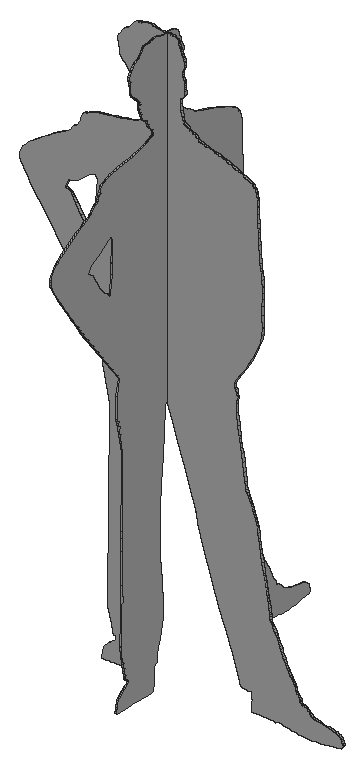
Revit family
Parameters
  built-in parameter 1005198 = (empty or 0)
  built-in parameter 1005195 = "d:\\byoh\\M25_HOL1_Santa.rpc"
Reference planes
  plane 1 "Center (Front/Back)": y = 0
  plane 2: z = 0
  plane 3 "Center (Left/Right)": x = 0
Forms (mm)
  Extrusion 1, solid, material "Sombra escala"
    sketch origin (0, 0, 0) x (1, 0, 0) y (0, 0, 1)
      loop
        line (-330.723, 1102.332) -> (-184.964, 913.086) -> (-194.806, 867.185) -> (-194.806, 804.47) -> (-191.566, 794.037) -> (-173.079, 706.275) -> (-173.079, 634.679) -> (-175.974, 489.409) -> (-175.759, 470.699) -> (-175.358, 435.786) -> (-175.974, 342.368) -> (-177.777, 243.543) -> (-179.579, 173.627) -> (-177.777, 148.939) -> (-172.346, 125.436) -> (-166.915, 103.735) -> (-163.903, 85.047) -> (-162.717, 79.023) -> (-160.298, 76.604) -> (-156.669, 76.604) -> (-153.065, 77.221) -> (-153.065, 69.987) -> (-154.274, 65.173) -> (-157.286, 61.544) -> (-162.717, 57.323) -> (-166.915, 54.311) -> (-170.543, 51.299) -> (-174.765, 48.287) -> (-178.986, 44.682) -> (-182.591, 41.053) -> (-185.603, 38.041) -> (-188.022, 35.646) -> (-189.825, 33.227) -> (-192.244, 28.413) -> (-194.046, 22.982) -> (-194.639, 17.551) -> (-194.046, 12.736) -> (-195.849, 9.724) -> (-197.058, 5.503) -> (-197.058, 0.688) -> (-194.046, 0) -> (-191.034, 0) -> (-187.406, 0) -> (-183.801, 0) -> (-178.986, 0) -> (-174.148, 0) -> (-168.741, 0) -> (-162.717, -0.012) -> (-156.669, 0) -> (-150.053, 0) -> (-142.226, 0) -> (-134.993, 0) -> (-127.143, 0) -> (-120.526, 0) -> (-113.885, 0) -> (-109.071, 0) -> (-104.849, 0) -> (-101.245, 0) -> (-98.233, 0) -> (-95.814, 0.072) -> (-94.011, 0) -> (-92.209, 0) -> (-90.383, 0) -> (-88.58, 0) -> (-86.778, 0) -> (-80.754, 0) -> (-77.125, 0) -> (-72.904, 0) -> (-69.299, 0) -> (-65.694, 0) -> (-62.658, 0) -> (-59.646, 1.207) -> (-56.634, 20.563) -> (-54.832, 22.389) -> (-54.239, 33.227) -> (-54.239, 47.077) -> (-54.832, 60.335) -> (-57.251, 69.987) -> (-52.437, 69.987) -> (-48.215, 71.79) -> (-45.796, 75.418) -> (-44.587, 82.035) -> (-42.784, 94.7) -> (-39.156, 113.364) -> (-34.341, 133.262) -> (-30.12, 151.334) -> (-25.898, 168.22) -> (-22.886, 187.501) -> (-21.7, 207.375) -> (-21.7, 226.68) -> (-27.108, 291.141) -> (-31.329, 359.847) -> (-33.132, 429.146) -> (-32.539, 495.433) -> (-29.527, 550.288) -> (-26.515, 593.073) -> (-23.503, 625.611) -> (-21.084, 647.905) -> (-18.688, 673.21) -> (-16.269, 708.167) -> (-13.85, 741.323) -> (-12.641, 764.209) -> (-8.443, 768.43) -> (-4.814, 772.059) -> (-2.395, 774.454) -> (0, 777.466) -> (7.233, 756.383) -> (18.688, 723.844) -> (32.539, 683.455) -> (47.598, 638.869) -> (62.658, 594.282) -> (75.916, 552.684) -> (86.754, 518.936) -> (92.185, 495.433) -> (96.999, 470.744) -> (104.849, 441.218) -> (115.071, 406.853) -> (125.933, 370.093) -> (138.574, 332.123) -> (151.238, 294.77) -> (163.903, 258.602) -> (175.951, 226.064) -> (180.765, 212.214) -> (187.406, 194.735) -> (194.023, 174.837) -> (201.873, 153.16) -> (208.489, 132.053) -> (215.13, 112.178) -> (220.537, 95.292) -> (224.166, 83.245) -> (224.759, 79.64) -> (225.968, 76.011) -> (227.178, 72.999) -> (229.573, 70.58) -> (233.202, 68.778) -> (239.226, 67.568) -> (248.262, 66.975) -> (260.309, 66.975) -> (260.309, 62.161) -> (260.309, 56.137) -> (261.519, 50.089) -> (263.938, 45.275) -> (260.926, 39.844) -> (259.717, 30.215) -> (260.309, 20.563) -> (260.926, 13.946) -> (266.95, 13.329) -> (275.986, 12.736) -> (285.638, 12.143) -> (296.477, 12.143) -> (307.315, 11.527) -> (318.177, 10.934) -> (327.213, 10.317) -> (334.446, 9.724) -> (341.68, 13.329) -> (346.494, 12.143) -> (352.518, 10.934) -> (357.949, 9.724) -> (364.566, 8.515) -> (370.59, 7.305) -> (377.23, 6.096) -> (384.464, 4.91) -> (391.081, 3.7) -> (398.314, 2.491) -> (405.548, 1.898) -> (412.781, 0.688) -> (419.422, 0.072) -> (426.631, -0.521) -> (433.272, -1.114) -> (439.889, -1.731) -> (445.936, -1.731) -> (458.577, -1.114) -> (471.835, -0.521) -> (485.092, 0.688) -> (498.349, 2.491) -> (510.397, 4.293) -> (521.259, 6.096) -> (529.702, 7.922) -> (535.109, 9.131) -> (539.331, 12.143) -> (541.133, 16.958) -> (539.948, 21.179) -> (537.529, 24.191) -> (536.912, 27.796) -> (535.726, 31.425) -> (534.517, 35.029) -> (532.098, 38.041) -> (528.493, 41.053) -> (524.271, 43.472) -> (518.84, 45.892) -> (512.223, 47.077) -> (503.78, 48.287) -> (494.128, 50.089) -> (483.882, 51.915) -> (473.637, 53.718) -> (464.008, 56.137) -> (454.972, 59.149) -> (447.739, 62.161) -> (442.308, 65.766) -> (438.086, 69.394) -> (434.481, 72.999) -> (431.47, 76.011) -> (428.458, 79.023) -> (425.446, 81.442) -> (423.027, 83.245) -> (420.607, 84.454) -> (418.212, 85.047) -> (412.781, 86.257) -> (410.362, 88.676) -> (409.176, 92.28) -> (409.176, 95.909) -> (409.176, 98.921) -> (407.35, 101.316) -> (404.955, 104.328) -> (401.326, 107.34) -> (399.524, 109.759) -> (397.721, 113.981) -> (395.919, 118.795) -> (394.093, 124.819) -> (391.697, 130.843) -> (388.685, 137.484) -> (386.266, 142.915) -> (382.662, 147.729) -> (378.44, 153.753) -> (374.219, 161.579) -> (369.38, 170.022) -> (365.183, 179.675) -> (360.345, 189.304) -> (356.74, 198.34) -> (353.111, 207.375) -> (350.716, 214.609) -> (347.704, 222.459) -> (344.075, 230.285) -> (340.47, 239.321) -> (336.842, 247.764) -> (332.62, 255.591) -> (329.608, 262.231) -> (326.596, 267.638) -> (324.794, 270.65) -> (321.782, 274.872) -> (319.363, 280.303) -> (317.56, 286.327) -> (316.968, 291.758) -> (316.968, 297.189) -> (315.758, 304.399) -> (314.548, 314.051) -> (312.153, 327.308) -> (310.327, 338.763) -> (306.722, 356.835) -> (302.501, 379.745) -> (297.686, 405.05) -> (292.848, 431.565) -> (288.65, 456.277) -> (285.022, 478.571) -> (282.603, 495.433) -> (280.8, 508.69) -> (278.405, 521.355) -> (275.393, 532.193) -> (272.974, 542.438) -> (269.962, 551.498) -> (266.95, 559.324) -> (264.531, 566.558) -> (262.728, 572.582) -> (260.309, 578.013) -> (257.297, 584.63) -> (254.286, 591.27) -> (250.681, 599.097) -> (247.052, 606.923) -> (244.04, 615.959) -> (241.645, 625.611) -> (240.435, 636.45) -> (238.016, 660.569) -> (235.004, 685.874) -> (231.992, 708.784) -> (227.771, 725.646) -> (223.549, 747.94) -> (219.328, 782.304) -> (215.723, 816.646) -> (215.723, 841.951) -> (216.932, 857.011) -> (215.723, 868.466) -> (213.304, 876.909) -> (209.699, 881.723) -> (209.699, 894.364) -> (225.968, 919.669) -> (241.645, 943.765) -> (256.088, 967.267) -> (269.345, 990.177) -> (279.591, 1012.471) -> (288.034, 1033.578) -> (292.848, 1054.045) -> (294.058, 1073.943) -> (292.848, 1107.691) -> (292.848, 1132.404) -> (293.465, 1151.685) -> (294.058, 1167.954) -> (294.058, 1185.433) -> (292.848, 1204.714) -> (290.453, 1222.193) -> (288.65, 1234.834) -> (286.824, 1249.918) -> (285.022, 1272.804) -> (283.812, 1296.306) -> (282.603, 1314.995) -> (281.417, 1332.474) -> (280.207, 1355.36) -> (279.591, 1378.863) -> (278.998, 1399.354) -> (278.405, 1417.449) -> (275.986, 1434.311) -> (272.357, 1446.359) -> (266.333, 1449.988) -> (265.148, 1454.209) -> (262.728, 1457.221) -> (257.914, 1460.233) -> (250.681, 1464.455) -> (241.028, 1469.269) -> (230.783, 1474.083) -> (220.537, 1478.305) -> (210.292, 1482.526) -> (199.454, 1486.748) -> (189.208, 1490.969) -> (178.37, 1494.574) -> (168.124, 1497.586) -> (157.879, 1501.215) -> (147.634, 1504.227) -> (137.981, 1507.239) -> (128.945, 1509.634) -> (121.119, 1512.053) -> (113.269, 1514.472) -> (106.035, 1516.275) -> (100.011, 1518.077) -> (98.209, 1520.496) -> (95.197, 1523.508) -> (90.975, 1527.113) -> (86.161, 1530.742) -> (81.94, 1533.753) -> (77.718, 1535.556) -> (74.113, 1536.765) -> (71.694, 1536.149) -> (70.485, 1537.975) -> (68.682, 1540.37) -> (66.263, 1542.789) -> (63.251, 1545.208) -> (60.239, 1547.604) -> (57.227, 1549.43) -> (54.215, 1550.616) -> (52.413, 1550.616) -> (48.784, 1565.699) -> (45.179, 1583.154) -> (42.784, 1600.633) -> (43.401, 1616.903) -> (48.191, 1616.31) -> (53.622, 1620.531) -> (57.227, 1628.974) -> (57.227, 1639.22) -> (56.634, 1643.417) -> (56.018, 1648.848) -> (55.425, 1654.279) -> (55.425, 1659.71) -> (55.425, 1665.118) -> (54.808, 1669.956) -> (53.622, 1674.77) -> (50.61, 1677.782) -> (49.994, 1682.597) -> (49.401, 1687.411) -> (49.994, 1692.249) -> (52.413, 1696.471) -> (55.425, 1702.495) -> (56.634, 1710.914) -> (56.634, 1719.357) -> (54.808, 1725.997) -> (51.796, 1730.219) -> (49.994, 1733.231) -> (48.191, 1736.836) -> (46.982, 1740.44) -> (45.772, 1744.069) -> (45.179, 1747.081) -> (43.994, 1748.883) -> (42.784, 1750.686) -> (40.982, 1753.105) -> (39.772, 1756.117) -> (39.179, 1760.338) -> (38.563, 1764.56) -> (37.377, 1768.781) -> (33.748, 1772.386) -> (28.934, 1775.398) -> (24.712, 1777.817) -> (21.107, 1779.027) -> (17.479, 1779.62) -> (13.874, 1780.236) -> (10.245, 1780.829) -> (6.641, 1780.829) -> (3.012, 1780.829) -> (0, 1780.829) -> (-2.395, 1780.236) -> (-5.431, 1779.62) -> (-9.629, 1779.62) -> (-15.06, 1779.62) -> (-21.084, 1780.236) -> (-26.515, 1781.422) -> (-31.946, 1782.039) -> (-36.76, 1783.841) -> (-40.365, 1785.051) -> (-43.377, 1786.26) -> (-47.598, 1786.853) -> (-52.437, 1786.853) -> (-57.251, 1786.26) -> (-62.065, 1785.051) -> (-66.287, 1783.841) -> (-69.299, 1782.632) -> (-71.718, 1781.422) -> (-74.113, 1782.039) -> (-77.125, 1782.039) -> (-80.137, 1782.632) -> (-83.766, 1782.039) -> (-87.987, 1781.422) -> (-90.999, 1780.236) -> (-94.011, 1778.41) -> (-96.407, 1775.398) -> (-98.826, 1771.793) -> (-101.245, 1768.165) -> (-104.257, 1764.56) -> (-107.861, 1760.931) -> (-110.873, 1757.919) -> (-114.502, 1754.907) -> (-117.514, 1753.105) -> (-119.909, 1751.895) -> (-124.747, 1750.093) -> (-128.969, 1747.081) -> (-132.574, 1742.267) -> (-136.179, 1736.836) -> (-140.4, 1731.405) -> (-144.622, 1725.997) -> (-147.634, 1720.566) -> (-147.634, 1713.333) -> (-145.831, 1705.506) -> (-144.029, 1697.063) -> (-143.412, 1689.237) -> (-143.412, 1682.597) -> (-142.819, 1676.573) -> (-140.4, 1669.339) -> (-136.179, 1662.722) -> (-131.364, 1657.884) -> (-128.352, 1655.489) -> (-124.747, 1652.477) -> (-121.119, 1648.255) -> (-117.514, 1644.034) -> (-113.885, 1639.812) -> (-110.873, 1635.591) -> (-108.478, 1631.37) -> (-107.269, 1628.358) -> (-110.281, 1628.358) -> (-112.083, 1626.555) -> (-112.7, 1622.95) -> (-111.49, 1617.519) -> (-109.664, 1613.298) -> (-108.478, 1609.693) -> (-106.652, 1606.657) -> (-105.466, 1604.262) -> (-104.257, 1601.843) -> (-103.047, 1598.831) -> (-101.838, 1595.819) -> (-100.628, 1591.597) -> (-99.418, 1587.993) -> (-97.023, 1584.364) -> (-94.604, 1580.759) -> (-92.209, 1578.34) -> (-89.79, 1577.13) -> (-86.778, 1576.538) -> (-84.359, 1576.538) -> (-81.963, 1577.13) -> (-80.137, 1571.107) -> (-78.951, 1565.699) -> (-77.125, 1560.268) -> (-74.73, 1556.047) -> (-72.904, 1551.825) -> (-69.892, 1548.813) -> (-66.88, 1545.801) -> (-62.658, 1543.999) -> (-61.472, 1539.184) -> (-59.053, 1534.346) -> (-56.634, 1528.939) -> (-54.832, 1524.101) -> (-57.844, 1523.508) -> (-61.472, 1522.299) -> (-65.694, 1520.496) -> (-69.299, 1518.694) -> (-73.52, 1516.868) -> (-77.125, 1514.472) -> (-80.137, 1512.646) -> (-82.556, 1510.844) -> (-91.592, 1508.448) -> (-101.838, 1505.436) -> (-112.083, 1503.017) -> (-122.328, 1501.215) -> (-133.167, 1498.796) -> (-143.412, 1496.993) -> (-153.065, 1495.784) -> (-162.717, 1494.574) -> (-172.346, 1493.365) -> (-183.184, 1492.179) -> (-194.639, 1490.353) -> (-206.687, 1487.957) -> (-217.549, 1485.538) -> (-227.178, 1482.526) -> (-235.621, 1478.922) -> (-241.645, 1474.7) -> (-245.866, 1474.7) -> (-250.088, 1472.874) -> (-254.309, 1469.269) -> (-257.321, 1463.838) -> (-260.333, 1456.012) -> (-262.752, 1449.371) -> (-265.148, 1443.964) -> (-266.357, 1439.126) -> (-268.16, 1434.928) -> (-271.788, 1431.916) -> (-275.393, 1428.904) -> (-279.614, 1427.694) -> (-283.243, 1425.868) -> (-286.255, 1422.263) -> (-289.267, 1418.042) -> (-292.279, 1413.228) -> (-294.081, 1410.808) -> (-296.5, 1408.413) -> (-299.512, 1405.994) -> (-303.71, 1404.192) -> (-307.932, 1401.773) -> (-313.363, 1399.354) -> (-319.387, 1396.342) -> (-325.411, 1393.33) -> (-329.039, 1391.527) -> (-334.446, 1388.515) -> (-339.877, 1384.91) -> (-346.518, 1381.282) -> (-353.751, 1377.06) -> (-361.578, 1372.246) -> (-369.404, 1367.431) -> (-377.23, 1362) -> (-385.081, 1357.186) -> (-392.907, 1351.755) -> (-400.733, 1346.941) -> (-407.374, 1342.103) -> (-414.014, 1337.905) -> (-419.422, 1333.683) -> (-423.643, 1330.671) -> (-427.272, 1327.659) -> (-432.679, 1322.228) -> (-437.493, 1316.204) -> (-441.122, 1310.18) -> (-444.727, 1303.54) -> (-447.146, 1296.923) -> (-447.739, 1290.283) -> (-447.146, 1283.666) -> (-445.344, 1277.025) -> (-441.122, 1268.582) -> (-436.308, 1258.953) -> (-429.667, 1247.498) -> (-421.841, 1235.451) -> (-413.398, 1222.786) -> (-404.362, 1208.936) -> (-394.709, 1195.062) -> (-385.081, 1181.212) -> (-375.428, 1166.745) -> (-365.183, 1152.894) -> (-356.147, 1139.637) -> (-347.111, 1126.38) -> (-338.668, 1114.308) -> (-331.434, 1103.47) -> (-330.723, 1102.332)
      loop
        line (-213.297, 1211.416) -> (-214.456, 1240.417) -> (-212.136, 1275.22) -> (-210.974, 1304.222) -> (-219.1, 1316.983) -> (-231.872, 1312.343) -> (-269.025, 1284.501) -> (-298.05, 1272.899) -> (-307.338, 1250.858) -> (-289.922, 1240.417) -> (-275.991, 1218.376) -> (-260.897, 1191.694) -> (-242.322, 1170.813) -> (-227.228, 1162.692) -> (-224.906, 1148.771) -> (-219.618, 1158.598) -> (-213.297, 1211.416)
    from -2.5 to 2.5
  Extrusion 2, solid, material "Sombra escala"
    sketch origin (0, 0, 0) x (0, 1, 0) y (0, 0, 1)
      loop
        line (289.324, 1249.918) -> (287.522, 1272.804) -> (286.312, 1296.306) -> (285.103, 1314.995) -> (283.917, 1332.474) -> (282.707, 1355.36) -> (282.091, 1378.863) -> (281.498, 1399.354) -> (280.905, 1417.449) -> (278.486, 1434.311) -> (274.857, 1446.359) -> (268.833, 1449.988) -> (267.648, 1454.209) -> (265.228, 1457.221) -> (260.414, 1460.233) -> (253.181, 1464.455) -> (243.528, 1469.269) -> (233.283, 1474.083) -> (223.037, 1478.305) -> (212.792, 1482.526) -> (201.954, 1486.748) -> (191.708, 1490.969) -> (180.87, 1494.574) -> (170.624, 1497.586) -> (160.379, 1501.215) -> (150.134, 1504.227) -> (140.481, 1507.239) -> (131.445, 1509.634) -> (123.619, 1512.053) -> (115.769, 1514.472) -> (108.535, 1516.275) -> (102.511, 1518.077) -> (100.709, 1520.496) -> (97.697, 1523.508) -> (93.475, 1527.113) -> (88.661, 1530.742) -> (84.44, 1533.753) -> (80.218, 1535.556) -> (76.613, 1536.765) -> (74.194, 1536.149) -> (72.985, 1537.975) -> (71.182, 1540.37) -> (68.763, 1542.789) -> (65.751, 1545.208) -> (62.739, 1547.604) -> (59.727, 1549.43) -> (56.715, 1550.616) -> (54.913, 1550.616) -> (51.284, 1565.699) -> (47.679, 1583.154) -> (45.284, 1600.633) -> (45.901, 1616.903) -> (50.691, 1616.31) -> (56.122, 1620.531) -> (59.727, 1628.974) -> (59.727, 1639.22) -> (59.134, 1643.417) -> (58.518, 1648.848) -> (57.925, 1654.279) -> (57.925, 1659.71) -> (57.925, 1665.118) -> (57.308, 1669.956) -> (56.122, 1674.77) -> (53.11, 1677.782) -> (52.494, 1682.597) -> (51.901, 1687.411) -> (52.494, 1692.249) -> (54.913, 1696.471) -> (57.925, 1702.495) -> (59.134, 1710.914) -> (59.134, 1719.357) -> (57.308, 1725.997) -> (54.296, 1730.219) -> (52.494, 1733.231) -> (50.691, 1736.836) -> (49.482, 1740.44) -> (48.272, 1744.069) -> (47.679, 1747.081) -> (46.494, 1748.883) -> (45.284, 1750.686) -> (43.482, 1753.105) -> (42.272, 1756.117) -> (41.679, 1760.338) -> (41.063, 1764.56) -> (39.877, 1768.781) -> (36.248, 1772.386) -> (31.434, 1775.398) -> (27.212, 1777.817) -> (23.607, 1779.027) -> (19.979, 1779.62) -> (16.374, 1780.236) -> (12.745, 1780.829) -> (9.141, 1780.829) -> (5.512, 1780.829) -> (2.5, 1780.829) -> (0.105, 1780.236) -> (-2.931, 1779.62) -> (-7.129, 1779.62) -> (-12.56, 1779.62) -> (-18.584, 1780.236) -> (-24.015, 1781.422) -> (-29.446, 1782.039) -> (-34.26, 1783.841) -> (-37.865, 1785.051) -> (-40.877, 1786.26) -> (-45.098, 1786.853) -> (-49.937, 1786.853) -> (-54.751, 1786.26) -> (-59.565, 1785.051) -> (-63.787, 1783.841) -> (-66.799, 1782.632) -> (-69.218, 1781.422) -> (-71.613, 1782.039) -> (-74.625, 1782.039) -> (-77.637, 1782.632) -> (-81.266, 1782.039) -> (-85.487, 1781.422) -> (-88.499, 1780.236) -> (-91.511, 1778.41) -> (-93.907, 1775.398) -> (-96.326, 1771.793) -> (-98.745, 1768.165) -> (-101.757, 1764.56) -> (-105.361, 1760.931) -> (-108.373, 1757.919) -> (-112.002, 1754.907) -> (-115.014, 1753.105) -> (-117.409, 1751.895) -> (-122.247, 1750.093) -> (-126.469, 1747.081) -> (-130.074, 1742.267) -> (-133.679, 1736.836) -> (-137.9, 1731.405) -> (-142.122, 1725.997) -> (-145.134, 1720.566) -> (-145.134, 1713.333) -> (-143.331, 1705.506) -> (-141.529, 1697.063) -> (-140.912, 1689.237) -> (-140.912, 1682.597) -> (-140.319, 1676.573) -> (-137.9, 1669.339) -> (-133.679, 1662.722) -> (-128.864, 1657.884) -> (-125.852, 1655.489) -> (-122.247, 1652.477) -> (-118.619, 1648.255) -> (-115.014, 1644.034) -> (-111.385, 1639.812) -> (-108.373, 1635.591) -> (-105.978, 1631.37) -> (-104.769, 1628.358) -> (-107.781, 1628.358) -> (-109.583, 1626.555) -> (-110.2, 1622.95) -> (-108.99, 1617.519) -> (-107.164, 1613.298) -> (-105.978, 1609.693) -> (-104.152, 1606.657) -> (-102.966, 1604.262) -> (-101.757, 1601.843) -> (-100.547, 1598.831) -> (-99.338, 1595.819) -> (-98.128, 1591.597) -> (-96.918, 1587.993) -> (-94.523, 1584.364) -> (-92.104, 1580.759) -> (-89.709, 1578.34) -> (-87.29, 1577.13) -> (-84.278, 1576.538) -> (-81.859, 1576.538) -> (-79.463, 1577.13) -> (-77.637, 1571.107) -> (-76.451, 1565.699) -> (-74.625, 1560.268) -> (-72.23, 1556.047) -> (-70.404, 1551.825) -> (-67.392, 1548.813) -> (-64.38, 1545.801) -> (-60.158, 1543.999) -> (-58.972, 1539.184) -> (-56.553, 1534.346) -> (-54.134, 1528.939) -> (-52.332, 1524.101) -> (-55.344, 1523.508) -> (-58.972, 1522.299) -> (-63.194, 1520.496) -> (-66.799, 1518.694) -> (-71.02, 1516.868) -> (-74.625, 1514.472) -> (-77.637, 1512.646) -> (-80.056, 1510.844) -> (-89.092, 1508.448) -> (-99.338, 1505.436) -> (-109.583, 1503.017) -> (-119.828, 1501.215) -> (-130.667, 1498.796) -> (-140.912, 1496.993) -> (-150.565, 1495.784) -> (-160.217, 1494.574) -> (-169.846, 1493.365) -> (-180.684, 1492.179) -> (-192.139, 1490.353) -> (-204.187, 1487.957) -> (-215.049, 1485.538) -> (-224.678, 1482.526) -> (-233.121, 1478.922) -> (-239.145, 1474.7) -> (-243.366, 1474.7) -> (-247.588, 1472.874) -> (-251.809, 1469.269) -> (-254.821, 1463.838) -> (-257.833, 1456.012) -> (-260.252, 1449.371) -> (-262.648, 1443.964) -> (-263.857, 1439.126) -> (-265.66, 1434.928) -> (-269.288, 1431.916) -> (-272.893, 1428.904) -> (-277.114, 1427.694) -> (-280.743, 1425.868) -> (-283.755, 1422.263) -> (-286.767, 1418.042) -> (-289.779, 1413.228) -> (-291.581, 1410.808) -> (-294, 1408.413) -> (-297.012, 1405.994) -> (-301.21, 1404.192) -> (-305.432, 1401.773) -> (-310.863, 1399.354) -> (-316.887, 1396.342) -> (-322.911, 1393.33) -> (-326.539, 1391.527) -> (-331.946, 1388.515) -> (-337.377, 1384.91) -> (-344.018, 1381.282) -> (-351.251, 1377.06) -> (-359.078, 1372.246) -> (-366.904, 1367.431) -> (-374.73, 1362) -> (-382.581, 1357.186) -> (-390.407, 1351.755) -> (-398.233, 1346.941) -> (-404.874, 1342.103) -> (-411.514, 1337.905) -> (-416.922, 1333.683) -> (-421.143, 1330.671) -> (-424.772, 1327.659) -> (-430.179, 1322.228) -> (-434.993, 1316.204) -> (-438.622, 1310.18) -> (-442.227, 1303.54) -> (-444.646, 1296.923) -> (-445.239, 1290.283) -> (-444.646, 1283.666) -> (-442.844, 1277.025) -> (-438.622, 1268.582) -> (-433.808, 1258.953) -> (-427.167, 1247.498) -> (-419.341, 1235.451) -> (-410.898, 1222.786) -> (-401.862, 1208.936) -> (-392.209, 1195.062) -> (-382.581, 1181.212) -> (-372.928, 1166.745) -> (-362.683, 1152.894) -> (-353.647, 1139.637) -> (-344.611, 1126.38) -> (-336.168, 1114.308) -> (-328.934, 1103.47) -> (-328.223, 1102.332) -> (-182.464, 913.086) -> (-192.306, 867.185) -> (-192.306, 804.47) -> (-189.066, 794.037) -> (-170.579, 706.275) -> (-170.579, 634.679) -> (-173.474, 489.409) -> (-173.259, 470.699) -> (-172.858, 435.786) -> (-173.474, 342.368) -> (-175.277, 243.543) -> (-177.079, 173.627) -> (-175.277, 148.939) -> (-169.846, 125.436) -> (-164.415, 103.735) -> (-161.403, 85.047) -> (-160.217, 79.023) -> (-157.798, 76.604) -> (-154.169, 76.604) -> (-150.565, 77.221) -> (-150.565, 69.987) -> (-151.774, 65.173) -> (-154.786, 61.544) -> (-160.217, 57.323) -> (-164.415, 54.311) -> (-168.043, 51.299) -> (-172.265, 48.287) -> (-176.486, 44.682) -> (-180.091, 41.053) -> (-183.103, 38.041) -> (-185.522, 35.646) -> (-187.325, 33.227) -> (-189.744, 28.413) -> (-191.546, 22.982) -> (-192.139, 17.551) -> (-191.546, 12.736) -> (-193.349, 9.724) -> (-194.558, 5.503) -> (-194.558, 0.688) -> (-191.546, 0) -> (-188.534, 0) -> (-184.906, 0) -> (-181.301, 0) -> (-176.486, 0) -> (-171.648, 0) -> (-166.241, 0) -> (-160.217, -0.012) -> (-154.169, 0) -> (-147.553, 0) -> (-139.726, 0) -> (-132.493, 0) -> (-124.643, 0) -> (-118.026, 0) -> (-111.385, 0) -> (-106.571, 0) -> (-102.349, 0) -> (-98.745, 0) -> (-95.733, 0) -> (-93.314, 0.072) -> (-91.511, 0) -> (-89.709, 0) -> (-87.883, 0) -> (-86.08, 0) -> (-84.278, 0) -> (-78.254, 0) -> (-74.625, 0) -> (-70.404, 0) -> (-66.799, 0) -> (-63.194, 0) -> (-60.158, 0) -> (-57.146, 1.207) -> (-54.134, 20.563) -> (-52.332, 22.389) -> (-51.739, 33.227) -> (-51.739, 47.077) -> (-52.332, 60.335) -> (-54.751, 69.987) -> (-49.937, 69.987) -> (-45.715, 71.79) -> (-43.296, 75.418) -> (-42.087, 82.035) -> (-40.284, 94.7) -> (-36.656, 113.364) -> (-31.841, 133.262) -> (-27.62, 151.334) -> (-23.398, 168.22) -> (-20.386, 187.501) -> (-19.2, 207.375) -> (-19.2, 226.68) -> (-24.608, 291.141) -> (-28.829, 359.847) -> (-30.632, 429.146) -> (-30.039, 495.433) -> (-27.027, 550.288) -> (-24.015, 593.073) -> (-21.003, 625.611) -> (-18.584, 647.905) -> (-16.188, 673.21) -> (-13.769, 708.167) -> (-11.35, 741.323) -> (-10.141, 764.209) -> (-5.943, 768.43) -> (-2.314, 772.059) -> (0.105, 774.454) -> (2.5, 777.466) -> (9.733, 756.383) -> (21.188, 723.844) -> (35.039, 683.455) -> (50.098, 638.869) -> (65.158, 594.282) -> (78.416, 552.684) -> (89.254, 518.936) -> (94.685, 495.433) -> (99.499, 470.744) -> (107.349, 441.218) -> (117.571, 406.853) -> (128.433, 370.093) -> (141.074, 332.123) -> (153.738, 294.77) -> (166.403, 258.602) -> (178.451, 226.064) -> (183.265, 212.214) -> (189.906, 194.735) -> (196.523, 174.837) -> (204.373, 153.16) -> (210.989, 132.053) -> (217.63, 112.178) -> (223.037, 95.292) -> (226.666, 83.245) -> (227.259, 79.64) -> (228.468, 76.011) -> (229.678, 72.999) -> (232.073, 70.58) -> (235.702, 68.778) -> (241.726, 67.568) -> (250.762, 66.975) -> (262.809, 66.975) -> (262.809, 62.161) -> (262.809, 56.137) -> (264.019, 50.089) -> (266.438, 45.275) -> (263.426, 39.844) -> (262.217, 30.215) -> (262.809, 20.563) -> (263.426, 13.946) -> (269.45, 13.329) -> (278.486, 12.736) -> (288.138, 12.143) -> (298.977, 12.143) -> (309.815, 11.527) -> (320.677, 10.934) -> (329.713, 10.317) -> (336.946, 9.724) -> (344.18, 13.329) -> (348.994, 12.143) -> (355.018, 10.934) -> (360.449, 9.724) -> (367.066, 8.515) -> (373.09, 7.305) -> (379.73, 6.096) -> (386.964, 4.91) -> (393.581, 3.7) -> (400.814, 2.491) -> (408.048, 1.898) -> (415.281, 0.688) -> (421.922, 0.072) -> (429.131, -0.521) -> (435.772, -1.114) -> (442.389, -1.731) -> (448.436, -1.731) -> (461.077, -1.114) -> (474.335, -0.521) -> (487.592, 0.688) -> (500.849, 2.491) -> (512.897, 4.293) -> (523.759, 6.096) -> (532.202, 7.922) -> (537.609, 9.131) -> (541.831, 12.143) -> (543.633, 16.958) -> (542.448, 21.179) -> (540.029, 24.191) -> (539.412, 27.796) -> (538.226, 31.425) -> (537.017, 35.029) -> (534.598, 38.041) -> (530.993, 41.053) -> (526.771, 43.472) -> (521.34, 45.892) -> (514.723, 47.077) -> (506.28, 48.287) -> (496.628, 50.089) -> (486.382, 51.915) -> (476.137, 53.718) -> (466.508, 56.137) -> (457.472, 59.149) -> (450.239, 62.161) -> (444.808, 65.766) -> (440.586, 69.394) -> (436.981, 72.999) -> (433.97, 76.011) -> (430.958, 79.023) -> (427.946, 81.442) -> (425.527, 83.245) -> (423.107, 84.454) -> (420.712, 85.047) -> (415.281, 86.257) -> (412.862, 88.676) -> (411.676, 92.28) -> (411.676, 95.909) -> (411.676, 98.921) -> (409.85, 101.316) -> (407.455, 104.328) -> (403.826, 107.34) -> (402.024, 109.759) -> (400.221, 113.981) -> (398.419, 118.795) -> (396.593, 124.819) -> (394.197, 130.843) -> (391.185, 137.484) -> (388.766, 142.915) -> (385.162, 147.729) -> (380.94, 153.753) -> (376.719, 161.579) -> (371.88, 170.022) -> (367.683, 179.675) -> (362.845, 189.304) -> (359.24, 198.34) -> (355.611, 207.375) -> (353.216, 214.609) -> (350.204, 222.459) -> (346.575, 230.285) -> (342.97, 239.321) -> (339.342, 247.764) -> (335.12, 255.591) -> (332.108, 262.231) -> (329.096, 267.638) -> (327.294, 270.65) -> (324.282, 274.872) -> (321.863, 280.303) -> (320.06, 286.327) -> (319.468, 291.758) -> (319.468, 297.189) -> (318.258, 304.399) -> (317.048, 314.051) -> (314.653, 327.308) -> (312.827, 338.763) -> (309.222, 356.835) -> (305.001, 379.745) -> (300.186, 405.05) -> (295.348, 431.565) -> (291.15, 456.277) -> (287.522, 478.571) -> (285.103, 495.433) -> (283.3, 508.69) -> (280.905, 521.355) -> (277.893, 532.193) -> (275.474, 542.438) -> (272.462, 551.498) -> (269.45, 559.324) -> (267.031, 566.558) -> (265.228, 572.582) -> (262.809, 578.013) -> (259.797, 584.63) -> (256.786, 591.27) -> (253.181, 599.097) -> (249.552, 606.923) -> (246.54, 615.959) -> (244.145, 625.611) -> (242.935, 636.45) -> (240.516, 660.569) -> (237.504, 685.874) -> (234.492, 708.784) -> (230.271, 725.646) -> (226.049, 747.94) -> (221.828, 782.304) -> (218.223, 816.646) -> (218.223, 841.951) -> (219.432, 857.011) -> (218.223, 868.466) -> (215.804, 876.909) -> (212.199, 881.723) -> (212.199, 894.364) -> (228.468, 919.669) -> (244.145, 943.765) -> (258.588, 967.267) -> (271.845, 990.177) -> (282.091, 1012.471) -> (290.534, 1033.578) -> (295.348, 1054.045) -> (296.558, 1073.943) -> (295.348, 1107.691) -> (295.348, 1132.404) -> (295.965, 1151.685) -> (296.558, 1167.954) -> (296.558, 1185.433) -> (295.348, 1204.714) -> (292.953, 1222.193) -> (291.15, 1234.834) -> (289.324, 1249.918)
      loop
        line (-211.956, 1240.417) -> (-209.636, 1275.22) -> (-208.474, 1304.222) -> (-216.6, 1316.983) -> (-229.372, 1312.343) -> (-266.525, 1284.501) -> (-295.55, 1272.899) -> (-304.838, 1250.858) -> (-287.422, 1240.417) -> (-273.491, 1218.376) -> (-258.397, 1191.694) -> (-239.822, 1170.813) -> (-224.728, 1162.692) -> (-222.406, 1148.771) -> (-217.118, 1158.598) -> (-210.797, 1211.416) -> (-211.956, 1240.417)
    from -2.5 to 2.5
